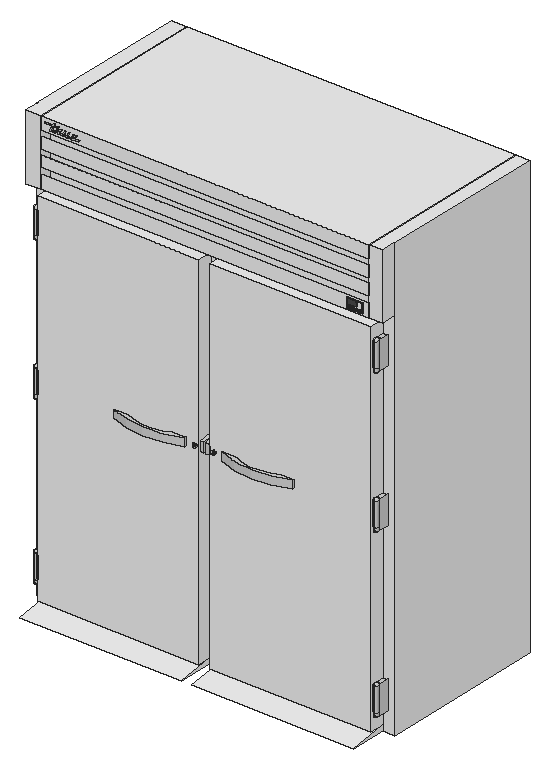
Revit family
Parameters
  Weight in Pounds = 0
  Watts = Volts * FL Amps  # 1357 W
  Volts = 115 V
  URL Cutsheet = "www.truemfg.com"
  URL = "www.truemfg.com"
  Type Mark [instance] = ""
  Type Comments = ""
  Status [instance] = ""
  Specification by User [instance] = ""
  Specification by Manufacturer = ""
  Show Logo [instance] = yes
  Show Clearance [instance] = yes
  Serial Number = ""
  Seismic Rating = ""
  SMACNA No = ""
  Revision Code [instance] = ""
  Phase = 1
  Omniclass Number and Title = ""
  Number of Poles [instance] = 1
  NAFEM Spec ID Number = ""
  Model = "STR2RRI-2S"
  Min Ckt Ampacity = 0 A
  Max Overcurrent Protection = 0 A
  Masterspec = ""
  Manufacturer = "TRUE FOOD SERVICE EQUIPMENT, INC."
  Length = 68"
  Item Number [instance] = ""
  Installed By [instance] = ""
  Identify Quantity as Lot [instance] = yes
  Height = 83 3/4"
  HP = "1/2"
  Furnished By [instance] = ""
  Foodservice Equipment Identifier [instance] = yes
  FL Amps = 11.8 A
  Electrical Remarks [instance] = ""
  Electric Connection Type [instance] = ""
  Elec Conn RI Height [instance] = 0"
  Elec Conn Connection Height [instance] = 0"
  Description = "Roll-in Solid Swing Door Refrigerator"
  Depth = 34 3/4"
  Cycle = 60 Hz
  Conn Plug = "5-15P"
  Conn Conduit = yes
  CSI MasterFormat = ""
  CSI Master Format = ""
  Apparent Power = if(Phase = 3, Volts * FL Amps * 1.73, Volts * FL Amps)  # 1357 VA
Reference planes (in)
  plane 1 "BACK": y = 0
  plane 2: z = 0
  plane 3 "LEFT": x = 0
  plane 4 "RIGHT": x = 68
  plane 5 "FRONT": y = -34.75
  plane 6 "TOP": z = 83.75
  plane 7: x = 2.84375
  plane 8: y = -34.7042
  plane 9: x = 34
  plane 10: z = 69.90625
Forms (in)
  Extrusion 1, solid, material "QF_Finishes_Chrome - Satin"
    sketch origin (0.05, 0, 0) x (1, 0, 0) y (0, 1, 0)
      loop
        line (-0.05, 0) -> (-0.05, -32) -> (2.87859, -32) -> (2.87859, 0) -> (-0.05, 0)
    from 0 to 83.75
  Extrusion 2, solid, material "QF_Finishes_Chrome - Satin"
    sketch origin (50.15, 0, 0) x (1, 0, 0) y (0, 1, 0)
      loop
        line (15.15, 0) -> (15.15, -32) -> (17.85, -32) -> (17.85, 0) -> (15.15, 0)
    from 0 to 83.75
  Extrusion 3, solid, material "QF_Finishes_Chrome - Satin"
    sketch origin (0, 0, 0) x (0, 1, 0) y (0, 0, 1)
      loop
        line (-34.7042, 71.28125) -> (-32, 71.28125) -> (-32, 0) -> (0, 0) -> (0, 83.75) -> (-34.7042, 83.75) -> (-34.7042, 81.40578) -> (-32.5, 79.83852) -> (-32.5, 78.71625) -> (-34.7042, 80.28351) -> (-34.7042, 78.1498) -> (-32.5, 76.58254) -> (-32.5, 75.62178) -> (-34.7042, 77.18904) -> (-34.7042, 75.09284) -> (-32.5, 73.52557) -> (-32.5, 72.25) -> (-34.7042, 73.81726) -> (-34.7042, 71.28125)
    from 2.92859 to 65.3
  Extrusion 4, solid, material "QF_Finishes_Chrome - Satin"
    sketch origin (0, 0, 0) x (1, 0, 0) y (0, 1, 0)
      loop
        line (67.84782, -32) -> (65.3, -32) -> (65.3, -34.75) -> (67.84782, -34.75) -> (67.84782, -32)
    from 71.28125 to 83.75
  Extrusion 5, solid, material "QF_Finishes_Chrome - Satin"
    sketch origin (-50.125, 0, 0.25) x (1, 0, 0) y (0, 1, 0)
      loop
        line (53.05359, -32) -> (50.24109, -32) -> (50.24109, -34.75) -> (53.05359, -34.75) -> (53.05359, -32)
    from 71.03125 to 83.5
  Extrusion 6, solid, material "QF_Finishes_Chrome - Satin"
    sketch origin (8.03125, -1, -0.71875) x (1, 0, 0) y (0, 0, 1)
      loop
        line (26.96875, 1.71875) -> (57.65625, 1.71875) -> (57.65625, 70.625) -> (26.96875, 70.625) -> (26.96875, 1.71875)
    from 31 to 33.75
  Extrusion 7, solid, material "QF_Finishes_Handrails and Railings"
    sketch origin (91.34375, -0.25, 26.43519) x (1, 0, 0) y (0, 1, 0)
      loop
        line (-53.875, -34.5) -> (-53.875, -34.7)
        arc (-53.875, -34.7) -> (-47.075, -36.14405) -> (-40.275, -34.7) r 16.7325
        line (-40.275, -34.7) -> (-40.275, -34.5) -> (-42.675, -34.5)
        arc (-42.675, -34.5) -> (-47.075, -35.65816) -> (-51.475, -34.5) r 8.93715
        line (-51.475, -34.5) -> (-53.875, -34.5)
    from 10.87731 to 12.37731
  Extrusion 8, solid, material "QF_Finishes_Handrails and Railings"
    sketch origin (9.34375, -1.08467, -2) x (1, 0, 0) y (0, 0, 1)
      loop
        circle (26.4375, 40.0625) r 0.35
      loop
        line (26.47265, 40.33635) -> (26.41715, 40.33635) -> (26.41715, 39.76895) -> (26.47265, 39.76895) -> (26.47265, 40.33635)
    from 33.5 to 33.83066
  Extrusion 9, solid, material "QF_Finishes_Handrails and Railings", visible <- "Show Logo"
    sketch origin (0.33478, 0.06376, 5.00294) x (1, 0, 0) y (0, 0, 1)
      loop
        line (3.46044, 78.08731) -> (3.35478, 77.86073) -> (4.76027, 77.86073)
        arc (4.76027, 77.86073) -> (4.78879, 77.81028) -> (4.76027, 77.75984) r 0.05887
        line (4.76027, 77.75984) -> (4.39369, 76.97372)
        arc (4.39369, 76.97372) -> (4.39051, 76.90091) -> (4.43975, 76.84717) r 0.09523
        line (4.43975, 76.84717) -> (5.33844, 76.84717)
        arc (5.33844, 76.84717) -> (5.45192, 76.88295) -> (5.52436, 76.97735) r 0.19785
        line (5.52436, 76.97735) -> (5.81285, 77.59601) -> (6.0779, 77.59601)
        arc (6.0779, 77.59601) -> (6.14744, 77.57043) -> (6.13737, 77.49703) r 0.05911
        line (6.13737, 77.49703) -> (5.89598, 76.97937)
        arc (5.89598, 76.97937) -> (5.89974, 76.8934) -> (5.97231, 76.84717) r 0.09318
        line (5.97231, 76.84717) -> (6.76198, 76.84717)
        arc (6.76198, 76.84717) -> (6.82249, 76.86919) -> (6.85468, 76.92495) r 0.09412
        arc (6.85468, 76.92495) -> (6.87746, 76.86995) -> (6.93246, 76.84717) r 0.07778
        line (6.93246, 76.84717) -> (7.43246, 76.84717)
        arc (7.43246, 76.84717) -> (7.49022, 76.86265) -> (7.53251, 76.90493) r 0.11552
        arc (7.53251, 76.90493) -> (7.55275, 76.85606) -> (7.60162, 76.83581) r 0.06912
        line (7.60162, 76.83581) -> (8.31225, 76.83581)
        arc (8.31225, 76.83581) -> (8.37034, 76.85988) -> (8.39441, 76.91797) r 0.08216
        arc (8.39441, 76.91797) -> (8.44767, 76.86472) -> (8.52042, 76.84522) r 0.14551
        line (8.52042, 76.84522) -> (9.85158, 76.84522) -> (9.99946, 77.10134) -> (8.65678, 77.10134)
        arc (8.65678, 77.10134) -> (8.61972, 77.12704) -> (8.61834, 77.17211) r 0.05009
        line (8.61834, 77.17211) -> (8.64157, 77.22192)
        arc (8.64157, 77.22192) -> (8.67723, 77.26864) -> (8.73327, 77.28635) r 0.09747
        line (8.73327, 77.28635) -> (9.16485, 77.28635)
        arc (9.16485, 77.28635) -> (9.258, 77.31131) -> (9.32619, 77.3795) r 0.1863
        line (9.32619, 77.3795) -> (9.45119, 77.59601)
        arc (9.45119, 77.59601) -> (9.45119, 77.71157) -> (9.35111, 77.76934) r 0.11556
        line (9.35111, 77.76934) -> (8.89562, 77.76934)
        arc (8.89562, 77.76934) -> (8.7795, 77.74962) -> (8.69849, 77.66412) r 0.18605
        line (8.69849, 77.66412) -> (8.48204, 77.19993)
        arc (8.48204, 77.19993) -> (8.41815, 77.11667) -> (8.31806, 77.08511) r 0.1745
        line (8.31806, 77.08511) -> (7.84559, 77.08511)
        arc (7.84559, 77.08511) -> (7.78903, 77.14684) -> (7.79268, 77.23048) r 0.10939
        line (7.79268, 77.23048) -> (8.04395, 77.76934) -> (7.88403, 77.76934) -> (7.61781, 77.19844)
        arc (7.61781, 77.19844) -> (7.56609, 77.13103) -> (7.48505, 77.10548) r 0.14128
        line (7.48505, 77.10548) -> (7.15925, 77.10548)
        arc (7.15925, 77.10548) -> (7.10419, 77.17723) -> (7.116, 77.26689) r 0.11816
        line (7.116, 77.26689) -> (7.3503, 77.76934) -> (7.18514, 77.76934) -> (6.91546, 77.191)
        arc (6.91546, 77.191) -> (6.85285, 77.12839) -> (6.76733, 77.10548) r 0.17104
        line (6.76733, 77.10548) -> (6.29555, 77.10548)
        arc (6.29555, 77.10548) -> (6.21082, 77.14499) -> (6.20267, 77.23813) r 0.0935
        line (6.20267, 77.23813) -> (6.35774, 77.57069) -> (6.57695, 77.57069)
        arc (6.57695, 77.57069) -> (6.61395, 77.68217) -> (6.69267, 77.76934) r 0.2857
        line (6.69267, 77.76934) -> (5.83605, 77.76934)
        arc (5.83605, 77.76934) -> (5.74086, 77.74824) -> (5.67498, 77.67635) r 0.16212
        line (5.67498, 77.67635) -> (5.44279, 77.17841)
        arc (5.44279, 77.17841) -> (5.3894, 77.12502) -> (5.31647, 77.10548) r 0.14586
        line (5.31647, 77.10548) -> (4.80506, 77.10548)
        arc (4.80506, 77.10548) -> (4.76514, 77.15942) -> (4.77274, 77.22609) r 0.09155
        line (4.77274, 77.22609) -> (5.11018, 77.86073) -> (5.96155, 77.86073) -> (6.06721, 78.08731) -> (5.21584, 78.08731) -> (5.32149, 78.31388) -> (5.01862, 78.31388) -> (4.91297, 78.08731) -> (3.46044, 78.08731)
      loop
        arc (8.83805, 77.56363) -> (8.80119, 77.55375) -> (8.7742, 77.52676) r 0.07373
        line (8.7742, 77.52676) -> (8.75229, 77.45936)
        arc (8.75229, 77.45936) -> (8.76245, 77.43483) -> (8.78699, 77.42466) r 0.0347
        line (8.78699, 77.42466) -> (9.15948, 77.42466)
        arc (9.15948, 77.42466) -> (9.18632, 77.43061) -> (9.20812, 77.44734) r 0.0635
        line (9.20812, 77.44734) -> (9.22624, 77.53122)
        arc (9.22624, 77.53122) -> (9.22091, 77.55368) -> (9.20009, 77.56363) r 0.02676
        line (9.20009, 77.56363) -> (8.83805, 77.56363)
    from 34.76797 to 34.83173
  Extrusion 10, solid, material "QF_Finishes_White"
    sketch origin (-22.74812, 0.0458, -7.95638) x (1, 0, 0) y (0, 0, 1)
      loop
        line (83.81732, 81.35727) -> (83.81732, 79.60996) -> (86.72357, 79.60996) -> (86.72357, 81.35727) -> (83.81732, 81.35727)
    from 34.75 to 34.76797
  Extrusion 11, solid, material "QF_Finishes_Black"
    sketch origin (-22.74812, 0.0458, -7.95638) x (1, 0, 0) y (0, 0, 1)
      loop
        line (86.78607, 81.41977) -> (83.75482, 81.41977) -> (83.75482, 79.54746) -> (86.78607, 79.54746) -> (86.78607, 81.41977)
      loop
        spline (83.95482, 79.87872) -> (83.96333, 79.86254) -> (83.98831, 79.84747) -> (84.02804, 79.83452) -> (84.07982, 79.82459) -> (84.14011, 79.81835) -> (84.20482, 79.81622) -> (84.26952, 79.81835) -> (84.32982, 79.82459) -> (84.38159, 79.83452) -> (84.42132, 79.84747) -> (84.4463, 79.86254) -> (84.45482, 79.87872)
        spline (84.45482, 79.87872) -> (84.4463, 79.89489) -> (84.42132, 79.90997) -> (84.38159, 79.92291) -> (84.32982, 79.93284) -> (84.26952, 79.93909) -> (84.20482, 79.94122) -> (84.14011, 79.93909) -> (84.07982, 79.93284) -> (84.02804, 79.92291) -> (83.98831, 79.90997) -> (83.96333, 79.89489) -> (83.95482, 79.87872)
      loop
        spline (84.65083, 79.87872) -> (84.65935, 79.86254) -> (84.68432, 79.84747) -> (84.72405, 79.83452) -> (84.77583, 79.82459) -> (84.83612, 79.81835) -> (84.90083, 79.81622) -> (84.96553, 79.81835) -> (85.02583, 79.82459) -> (85.07761, 79.83452) -> (85.11734, 79.84747) -> (85.14231, 79.86254) -> (85.15083, 79.87872)
        spline (85.15083, 79.87872) -> (85.14231, 79.89489) -> (85.11734, 79.90997) -> (85.07761, 79.92291) -> (85.02583, 79.93284) -> (84.96553, 79.93909) -> (84.90083, 79.94122) -> (84.83612, 79.93909) -> (84.77583, 79.93284) -> (84.72405, 79.92291) -> (84.68432, 79.90997) -> (84.65935, 79.89489) -> (84.65083, 79.87872)
      loop
        spline (85.40083, 79.87872) -> (85.40935, 79.86254) -> (85.43432, 79.84747) -> (85.47405, 79.83452) -> (85.52583, 79.82459) -> (85.58612, 79.81835) -> (85.65083, 79.81622) -> (85.71553, 79.81835) -> (85.77583, 79.82459) -> (85.82761, 79.83452) -> (85.86734, 79.84747) -> (85.89231, 79.86254) -> (85.90083, 79.87872)
        spline (85.90083, 79.87872) -> (85.89231, 79.89489) -> (85.86734, 79.90997) -> (85.82761, 79.92291) -> (85.77583, 79.93284) -> (85.71553, 79.93909) -> (85.65083, 79.94122) -> (85.58612, 79.93909) -> (85.52583, 79.93284) -> (85.47405, 79.92291) -> (85.43432, 79.90997) -> (85.40935, 79.89489) -> (85.40083, 79.87872)
      loop
        line (83.95481, 81.21978) -> (83.95481, 80.21978) -> (85.65433, 80.21978) -> (85.65433, 81.21978) -> (83.95481, 81.21978)
      loop
        line (86.72357, 81.35727) -> (83.81732, 81.35727) -> (83.81732, 79.60996) -> (86.72357, 79.60996) -> (86.72357, 81.35727)
      loop
        spline (86.15083, 79.87872) -> (86.15935, 79.86254) -> (86.18432, 79.84747) -> (86.22405, 79.83452) -> (86.27583, 79.82459) -> (86.33612, 79.81835) -> (86.40083, 79.81622) -> (86.46553, 79.81835) -> (86.52583, 79.82459) -> (86.57761, 79.83452) -> (86.61734, 79.84747) -> (86.64231, 79.86254) -> (86.65083, 79.87872)
        spline (86.65083, 79.87872) -> (86.64231, 79.89489) -> (86.61734, 79.90997) -> (86.57761, 79.92291) -> (86.52583, 79.93284) -> (86.46553, 79.93909) -> (86.40083, 79.94122) -> (86.33612, 79.93909) -> (86.27583, 79.93284) -> (86.22405, 79.92291) -> (86.18432, 79.90997) -> (86.15935, 79.89489) -> (86.15083, 79.87872)
    from 34.76797 to 34.80335
  Extrusion 12, solid
    sketch origin (-25.125, 0, 0) x (1, 0, 0) y (0, 0, 1)
      loop
        circle (89.875, 81.625) r 0.25
    from 0 to 0.0625
  Blend 13, solid, material "QF_Finishes_Handrails and Railings"
    base sketch origin (60.25, -1, 0) x (-1, 0, 0) y (0, 0, -1)
      loop
        line (25.25, -38.99169) -> (26, -38.99169) -> (26, -37.24169) -> (25.25, -37.24169) -> (25.25, -38.99169)
    top sketch origin (60.25, 0, 0) x (-1, 0, 0) y (0, 0, -1)
      loop
        line (26.18223, -36.6441) -> (25.25, -36.6441) -> (25.25, -39.42643) -> (26.18223, -39.42643) -> (26.18223, -36.6441)
    from 33.57883 to 32
  Extrusion 14, solid, material "QF_Finishes_Handrails and Railings"
    sketch origin (66.78125, 0, 3.5) x (0, 1, 0) y (0, 0, -1)
      loop
        line (-32, -64.17729) -> (-32, -58.86127) -> (-34.25, -58.86127) -> (-34.25, -59.57348) -> (-33.81497, -59.57348) -> (-33.81497, -63.97276)
        arc (-33.81497, -63.97276) -> (-33.75506, -64.11738) -> (-33.61044, -64.17729) r 0.20453
        line (-33.61044, -64.17729) -> (-32, -64.17729)
    from 0.17506 to 1
  Revolve 15, solid, material "QF_Finishes_Handrails and Railings"
    sketch origin (66.28125, 0, 3.5) x (0, 1, 0) y (0, 0, -1)
      loop
        line (-34.26563, -59.62689) -> (-34.67229, -59.62689) -> (-34.67229, -64.0986)
        arc (-34.67229, -64.0986) -> (-34.53722, -64.35057) -> (-34.26563, -64.43983) r 0.3848
        line (-34.26563, -64.43983) -> (-34.26563, -59.62689)
      loop
        line (-34.26563, -59.57348) -> (-34.26563, -58.67281)
        arc (-34.26563, -58.67281) -> (-34.53264, -58.75883) -> (-34.67229, -59.00212) r 0.38884
        line (-34.67229, -59.00212) -> (-34.67229, -59.57348) -> (-34.26563, -59.57348)
      axis (-34.26563, -58.67281) -> (-34.26563, -64.43983)
    angle from 0 to 360
  Extrusion 16, solid, material "QF_Finishes_Handrails and Railings"
    sketch origin (27.5, -1.07734, 3.5011) x (-1, 0, 0) y (0, 0, -1)
      loop
        line (-38.58509, -64.0986) -> (-38.1875, -64.0986) -> (-38.1875, -59.62579) -> (-38.58509, -59.62579) -> (-38.58509, -64.0986)
    from 32.81497 to 33.59495
  Extrusion 17, solid, material "QF_Finishes_Handrails and Railings"
    sketch origin (66.78125, 0, -24) x (0, 1, 0) y (0, 0, -1)
      loop
        line (-32, -64.55229) -> (-32, -59.23627) -> (-34.25, -59.23627) -> (-34.25, -59.94848) -> (-33.81497, -59.94848) -> (-33.81497, -64.34776)
        arc (-33.81497, -64.34776) -> (-33.75506, -64.49238) -> (-33.61044, -64.55229) r 0.20453
        line (-33.61044, -64.55229) -> (-32, -64.55229)
    from 0.17506 to 1
  Revolve 18, solid, material "QF_Finishes_Handrails and Railings"
    sketch origin (66.28125, 0, -24) x (0, 1, 0) y (0, 0, -1)
      loop
        line (-34.26563, -60.00189) -> (-34.67229, -60.00189) -> (-34.67229, -64.4736)
        arc (-34.67229, -64.4736) -> (-34.53722, -64.72557) -> (-34.26563, -64.81483) r 0.3848
        line (-34.26563, -64.81483) -> (-34.26563, -60.00189)
      loop
        line (-34.26563, -59.94848) -> (-34.26563, -59.04781)
        arc (-34.26563, -59.04781) -> (-34.53264, -59.13383) -> (-34.67229, -59.37712) r 0.38884
        line (-34.67229, -59.37712) -> (-34.67229, -59.94848) -> (-34.26563, -59.94848)
      axis (-34.26563, -59.04781) -> (-34.26563, -64.81483)
    angle from 0 to 360
  Extrusion 19, solid, material "QF_Finishes_Handrails and Railings"
    sketch origin (27.5, -1.07734, -23.9989) x (-1, 0, 0) y (0, 0, -1)
      loop
        line (-38.58509, -64.4736) -> (-38.1875, -64.4736) -> (-38.1875, -60.00079) -> (-38.58509, -60.00079) -> (-38.58509, -64.4736)
    from 32.81497 to 33.59495
  Extrusion 20, solid, material "QF_Finishes_Handrails and Railings"
    sketch origin (66.78125, 0, -55.5) x (0, 1, 0) y (0, 0, -1)
      loop
        line (-32, -64.55229) -> (-32, -59.23627) -> (-34.25, -59.23627) -> (-34.25, -59.94848) -> (-33.81497, -59.94848) -> (-33.81497, -64.34776)
        arc (-33.81497, -64.34776) -> (-33.75506, -64.49238) -> (-33.61044, -64.55229) r 0.20453
        line (-33.61044, -64.55229) -> (-32, -64.55229)
    from 0.17506 to 1
  Revolve 21, solid, material "QF_Finishes_Handrails and Railings"
    sketch origin (66.28125, 0, -55.5) x (0, 1, 0) y (0, 0, -1)
      loop
        line (-34.26563, -60.00189) -> (-34.67229, -60.00189) -> (-34.67229, -64.4736)
        arc (-34.67229, -64.4736) -> (-34.53722, -64.72557) -> (-34.26563, -64.81483) r 0.3848
        line (-34.26563, -64.81483) -> (-34.26563, -60.00189)
      loop
        line (-34.26563, -59.94848) -> (-34.26563, -59.04781)
        arc (-34.26563, -59.04781) -> (-34.53264, -59.13383) -> (-34.67229, -59.37712) r 0.38884
        line (-34.67229, -59.37712) -> (-34.67229, -59.94848) -> (-34.26563, -59.94848)
      axis (-34.26563, -59.04781) -> (-34.26563, -64.81483)
    angle from 0 to 360
  Extrusion 22, solid, material "QF_Finishes_Handrails and Railings"
    sketch origin (27.5, -1.07734, -55.4989) x (-1, 0, 0) y (0, 0, -1)
      loop
        line (-38.58509, -64.4736) -> (-38.1875, -64.4736) -> (-38.1875, -60.00079) -> (-38.58509, -60.00079) -> (-38.58509, -64.4736)
    from 32.81497 to 33.59495
  Extrusion 23, solid, material "QF_Finishes_Chrome - Satin"
    sketch origin (65.6875, -1, 8.03125) x (0, 0, 1) y (0, -1, 0)
      loop
        line (-8.03125, 37.875) -> (-8.03125, 31) -> (-7.03125, 31) -> (-8.03125, 37.875)
    from 0 to -30.6875
  Extrusion 24, solid, material "QF_Finishes_Chrome - Satin"
    sketch origin (59.96875, -1, -0.71875) x (-1, 0, 0) y (0, 0, -1)
      loop
        line (26.96875, -1.71875) -> (26.96875, -70.625) -> (57.65625, -70.625) -> (57.65625, -1.71875) -> (26.96875, -1.71875)
    from 31 to 33.75
  Extrusion 25, solid, material "QF_Finishes_Handrails and Railings"
    sketch origin (-23.34375, -0.25, 26.43519) x (1, 0, 0) y (0, 1, 0)
      loop
        line (53.875, -34.5) -> (51.475, -34.5)
        arc (51.475, -34.5) -> (47.075, -35.65816) -> (42.675, -34.5) r 8.93715
        line (42.675, -34.5) -> (40.275, -34.5) -> (40.275, -34.7)
        arc (40.275, -34.7) -> (47.075, -36.14405) -> (53.875, -34.7) r 16.7325
        line (53.875, -34.7) -> (53.875, -34.5)
    from 10.87731 to 12.37731
  Extrusion 26, solid, material "QF_Finishes_Handrails and Railings"
    sketch origin (58.65625, -1.08467, -2) x (-1, 0, 0) y (0, 0, -1)
      loop
        circle (26.4375, -40.0625) r 0.35
      loop
        line (26.47265, -40.33635) -> (26.47265, -39.76895) -> (26.41715, -39.76895) -> (26.41715, -40.33635) -> (26.47265, -40.33635)
    from 33.5 to 33.83066
  Blend 27, solid, material "QF_Finishes_Handrails and Railings"
    base sketch origin (7.75, -1, 0) x (1, 0, 0) y (0, 0, 1)
      loop
        line (25.25, 38.99169) -> (25.25, 37.24169) -> (26, 37.24169) -> (26, 38.99169) -> (25.25, 38.99169)
    top sketch origin (7.75, 0, 0) x (1, 0, 0) y (0, 0, 1)
      loop
        line (26.18223, 36.6441) -> (26.18223, 39.42643) -> (25.25, 39.42643) -> (25.25, 36.6441) -> (26.18223, 36.6441)
    from 33.57883 to 32
  Extrusion 28, solid, material "QF_Finishes_Handrails and Railings"
    sketch origin (1.21875, 0, 3.5) x (0, 1, 0) y (0, 0, 1)
      loop
        line (-32, 64.17729) -> (-33.61044, 64.17729)
        arc (-33.61044, 64.17729) -> (-33.75506, 64.11738) -> (-33.81497, 63.97276) r 0.20453
        line (-33.81497, 63.97276) -> (-33.81497, 59.57348) -> (-34.25, 59.57348) -> (-34.25, 58.86127) -> (-32, 58.86127) -> (-32, 64.17729)
    from 0.17506 to 1
  Revolve 29, solid, material "QF_Finishes_Handrails and Railings"
    sketch origin (1.71875, 0, 3.5) x (0, 1, 0) y (0, 0, 1)
      loop
        line (-34.26563, 59.62689) -> (-34.26563, 64.43983)
        arc (-34.26563, 64.43983) -> (-34.53722, 64.35057) -> (-34.67229, 64.0986) r 0.3848
        line (-34.67229, 64.0986) -> (-34.67229, 59.62689) -> (-34.26563, 59.62689)
      loop
        line (-34.26563, 59.57348) -> (-34.67229, 59.57348) -> (-34.67229, 59.00212)
        arc (-34.67229, 59.00212) -> (-34.53264, 58.75883) -> (-34.26563, 58.67281) r 0.38884
        line (-34.26563, 58.67281) -> (-34.26563, 59.57348)
      axis (-34.26563, 58.67281) -> (-34.26563, 64.43983)
    angle from 0 to 360
  Extrusion 30, solid, material "QF_Finishes_Handrails and Railings"
    sketch origin (40.5, -1.07734, 3.5011) x (1, 0, 0) y (0, 0, 1)
      loop
        line (-38.58509, 64.0986) -> (-38.58509, 59.62579) -> (-38.1875, 59.62579) -> (-38.1875, 64.0986) -> (-38.58509, 64.0986)
    from 32.81497 to 33.59495
  Extrusion 31, solid, material "QF_Finishes_Handrails and Railings"
    sketch origin (1.21875, 0, -24) x (0, 1, 0) y (0, 0, 1)
      loop
        line (-32, 64.55229) -> (-33.61044, 64.55229)
        arc (-33.61044, 64.55229) -> (-33.75506, 64.49238) -> (-33.81497, 64.34776) r 0.20453
        line (-33.81497, 64.34776) -> (-33.81497, 59.94848) -> (-34.25, 59.94848) -> (-34.25, 59.23627) -> (-32, 59.23627) -> (-32, 64.55229)
    from 0.17506 to 1
  Revolve 32, solid, material "QF_Finishes_Handrails and Railings"
    sketch origin (1.71875, 0, -24) x (0, 1, 0) y (0, 0, 1)
      loop
        line (-34.26563, 60.00189) -> (-34.26563, 64.81483)
        arc (-34.26563, 64.81483) -> (-34.53722, 64.72557) -> (-34.67229, 64.4736) r 0.3848
        line (-34.67229, 64.4736) -> (-34.67229, 60.00189) -> (-34.26563, 60.00189)
      loop
        line (-34.26563, 59.94848) -> (-34.67229, 59.94848) -> (-34.67229, 59.37712)
        arc (-34.67229, 59.37712) -> (-34.53264, 59.13383) -> (-34.26563, 59.04781) r 0.38884
        line (-34.26563, 59.04781) -> (-34.26563, 59.94848)
      axis (-34.26563, 59.04781) -> (-34.26563, 64.81483)
    angle from 0 to 360
  Extrusion 33, solid, material "QF_Finishes_Handrails and Railings"
    sketch origin (40.5, -1.07734, -23.9989) x (1, 0, 0) y (0, 0, 1)
      loop
        line (-38.58509, 64.4736) -> (-38.58509, 60.00079) -> (-38.1875, 60.00079) -> (-38.1875, 64.4736) -> (-38.58509, 64.4736)
    from 32.81497 to 33.59495
  Extrusion 34, solid, material "QF_Finishes_Handrails and Railings"
    sketch origin (1.21875, 0, -55.5) x (0, 1, 0) y (0, 0, 1)
      loop
        line (-32, 64.55229) -> (-33.61044, 64.55229)
        arc (-33.61044, 64.55229) -> (-33.75506, 64.49238) -> (-33.81497, 64.34776) r 0.20453
        line (-33.81497, 64.34776) -> (-33.81497, 59.94848) -> (-34.25, 59.94848) -> (-34.25, 59.23627) -> (-32, 59.23627) -> (-32, 64.55229)
    from 0.17506 to 1
  Revolve 35, solid, material "QF_Finishes_Handrails and Railings"
    sketch origin (1.71875, 0, -55.5) x (0, 1, 0) y (0, 0, 1)
      loop
        line (-34.26563, 60.00189) -> (-34.26563, 64.81483)
        arc (-34.26563, 64.81483) -> (-34.53722, 64.72557) -> (-34.67229, 64.4736) r 0.3848
        line (-34.67229, 64.4736) -> (-34.67229, 60.00189) -> (-34.26563, 60.00189)
      loop
        line (-34.26563, 59.94848) -> (-34.67229, 59.94848) -> (-34.67229, 59.37712)
        arc (-34.67229, 59.37712) -> (-34.53264, 59.13383) -> (-34.26563, 59.04781) r 0.38884
        line (-34.26563, 59.04781) -> (-34.26563, 59.94848)
      axis (-34.26563, 59.04781) -> (-34.26563, 64.81483)
    angle from 0 to 360
  Extrusion 36, solid, material "QF_Finishes_Handrails and Railings"
    sketch origin (40.5, -1.07734, -55.4989) x (1, 0, 0) y (0, 0, 1)
      loop
        line (-38.58509, 64.4736) -> (-38.58509, 60.00079) -> (-38.1875, 60.00079) -> (-38.1875, 64.4736) -> (-38.58509, 64.4736)
    from 32.81497 to 33.59495
  Extrusion 37, solid, material "QF_Finishes_Chrome - Satin"
    sketch origin (2.3125, -1, 8.03125) x (0, 0, 1) y (0, 1, 0)
      loop
        line (-8.03125, -37.875) -> (-7.03125, -31) -> (-8.03125, -31) -> (-8.03125, -37.875)
    from 0 to -30.6875
  Extrusion 38, solid, material "QF_Finishes_Door Clearance", visible <- "Show Clearance", detail levels coarse
    sketch origin (32.71875, -1, 1) x (0, 1, 0) y (1, 0, 0)
      loop
        line (-33.75, -30.40625) -> (-33.75, 0.28125)
        arc (-33.75, 0.28125) -> (-55.44934, -8.70691) -> (-64.4375, -30.40625) r 30.6875
        line (-64.4375, -30.40625) -> (-33.75, -30.40625)
      loop
        line (-33.75, 32.96875) -> (-64.4375, 32.96875)
        arc (-64.4375, 32.96875) -> (-55.44934, 11.26941) -> (-33.75, 2.28125) r 30.6875
        line (-33.75, 2.28125) -> (-33.75, 32.96875)
    from 0 to -68.90625
Cuts and joins
  joined: Extrusion 1, Extrusion 2, Extrusion 4, Extrusion 5
Lines and regions (in)
  symbolic lines
    curve 1: line (0, 0, 0) -> (68, 0, 0)
    curve 2: line (0, -34.75, 0) -> (0, 0, 0)
    curve 3: line (68, -34.75, 0) -> (0, -34.75, 0)
    curve 4: line (68, 0, 0) -> (68, -34.75, 0)
    curve 5: line (68, -32.5, 0) -> (0, -32.5, 0)
    curve 6: arc (28.13125, -34.75, 0) -> (23.73125, -35.90816, 0) -> (19.33125, -34.75, 0) r 8.93715
    curve 7: arc (16.93125, -34.95, 0) -> (23.73125, -36.39405, 0) -> (30.53125, -34.95, 0) r 16.7325
    curve 8: line (16.93125, -34.75, 0) -> (16.93125, -34.95, 0)
    curve 9: line (30.53125, -34.95, 0) -> (30.53125, -34.75, 0)
    curve 10: arc (48.66875, -34.75, 0) -> (44.26875, -35.90816, 0) -> (39.86875, -34.75, 0) r 8.93715
    curve 11: arc (37.46875, -34.95, 0) -> (44.26875, -36.39405, 0) -> (51.06875, -34.95, 0) r 16.7325
    curve 12: line (37.46875, -34.75, 0) -> (37.46875, -34.95, 0)
    curve 13: line (51.06875, -34.95, 0) -> (51.06875, -34.75, 0)
  symbolic lines, style "QF_Door Swings", visible <- "Show Clearance", detail levels coarse
    curve 14: line (2.3125, -34.75, 0) -> (2.3125, -65.4375, 0)
    curve 15: arc (33, -34.75, 0) -> (24.01184, -56.44934, 0) -> (2.3125, -65.4375, 0) r 30.6875
    curve 16: arc (65.6875, -65.4375, 0) -> (43.98816, -56.44934, 0) -> (35, -34.75, 0) r 30.6875
    curve 17: line (65.6875, -65.4375, 0) -> (65.6875, -34.75, 0)
Dimensions and locks (in)
  "Depth": plane 5 "FRONT" to plane 1 "BACK"
  plane 6 "TOP" to level = 83 3/4"  (x2)
  Extrusion 6 sketch curve to Extrusion 6 sketch curve = 30 11/16"
  Extrusion 6 to plane 1 "BACK" = 34 3/4"
  "Length": plane 3 "LEFT" to plane 4 "RIGHT"
  plane 4 "RIGHT" to plane 3 "LEFT" = 68"
  equal spacing: plane 3 "LEFT", plane 9, plane 4 "RIGHT"
  Extrusion 24 sketch curve to Extrusion 24 sketch curve = 30 11/16"
  plane 10 to level = 69 29/32"
  aligned and locked: level to plane 2
Automatic sketch dimensions
  plane 1 "BACK" to curve 1 = 0"
  curve 1 to plane 3 "LEFT" = 0"
  plane 5 "FRONT" to curve 8 = 0"
  curve 4 to plane 4 "RIGHT" = 0"
  plane 5 "FRONT" to curve 7 = 0.2"
  plane 7 to curve 7 = 14.0875"
  curve 8 to curve 6 = 2.4"
  curve 6 to curve 6 = 4.4"
  curve 7 to curve 6 = 0"
  plane 5 "FRONT" to curve 9 = 0.2"
  plane 5 "FRONT" to curve 12 = 0.2"
  curve 12 to plane 9 = 3 15/32"
  curve 12 to curve 10 = 2.4"
  curve 10 to curve 10 = 4.4"
  curve 11 to curve 10 = 0"
  plane 5 "FRONT" to curve 11 = 0.2"
  curve 5 to plane 5 "FRONT" = 2 1/4"
  curve 10 to plane 5 "FRONT" = 7.77899"
  curve 6 to plane 5 "FRONT" = 7.77899"
  curve 10 to curve 11 = 7.30945"
  curve 6 to curve 7 = 7.30945"
  Extrusion 1 sketch curve to plane 3 "LEFT" = 0"
  plane 1 "BACK" to Extrusion 1 sketch curve = 0"
  plane 7 to Extrusion 1 sketch curve = 0.08484"
  Extrusion 1 sketch curve to plane 5 "FRONT" = 2 3/4"
  plane 1 "BACK" to Extrusion 2 sketch curve = 0"
  Extrusion 2 sketch curve to plane 4 "RIGHT" = 0"
  Extrusion 2 sketch curve to plane 4 "RIGHT" = 2.7"
  Extrusion 2 sketch curve to plane 5 "FRONT" = 2 3/4"
  Extrusion 3 sketch curve to plane 8 = 0"  (x4)
  Extrusion 3 sketch curve to level = 0"
  Extrusion 3 sketch curve to plane 6 "TOP" = 0"
  plane 8 to Extrusion 3 sketch curve = 2.2042"  (x2)
  Extrusion 3 sketch curve to Extrusion 3 sketch curve = 0"
  Extrusion 3 sketch curve to Extrusion 3 sketch curve = 1/2"
  plane 1 "BACK" to Extrusion 3 sketch curve = 0"
  Extrusion 3 sketch curve to plane 6 "TOP" = 12 15/32"
  Extrusion 3 sketch curve to Extrusion 3 sketch curve = 31/32"
  Extrusion 3 sketch curve to Extrusion 3 sketch curve = 1.27557"  (x2)
  Extrusion 3 sketch curve to Extrusion 3 sketch curve = 0.29169"
  Extrusion 3 sketch curve to Extrusion 3 sketch curve = 2.0962"  (x2)
  Extrusion 3 sketch curve to Extrusion 3 sketch curve = 0.96076"  (x2)
  Extrusion 3 sketch curve to Extrusion 3 sketch curve = 2.13371"  (x2)
  Extrusion 3 sketch curve to Extrusion 3 sketch curve = 1.12227"  (x2)
  plane 5 "FRONT" to Extrusion 4 sketch curve = 0"
  Extrusion 4 sketch curve to plane 4 "RIGHT" = 2.7"
  Extrusion 4 sketch curve to plane 4 "RIGHT" = 0.15218"
  Extrusion 4 sketch curve to plane 5 "FRONT" = 2 3/4"
  plane 5 "FRONT" to Extrusion 5 sketch curve = 0"
  plane 3 "LEFT" to Extrusion 5 sketch curve = 0.11609"
  plane 7 to Extrusion 5 sketch curve = 0.08484"
  Extrusion 5 sketch curve to plane 5 "FRONT" = 2 3/4"
  Extrusion 6 sketch curve to plane 9 = 1"
  level to Extrusion 6 sketch curve = 1"
  Extrusion 6 sketch curve to plane 6 "TOP" = 13 27/32"
  plane 5 "FRONT" to Extrusion 7 sketch curve = 0"  (x2)
  Extrusion 7 sketch curve to plane 9 = 3 15/32"
  Extrusion 7 sketch curve to Extrusion 7 sketch curve = 2.4"  (x2)
  Extrusion 7 sketch curve to Extrusion 7 sketch curve = 4.4"
  Extrusion 7 sketch curve to Extrusion 7 sketch curve = 0"
  Extrusion 7 sketch curve to Extrusion 7 sketch curve = 0.2"
  Extrusion 7 sketch curve to plane 5 "FRONT" = 7.77899"
  Extrusion 7 sketch curve to Extrusion 7 sketch curve = 7.30945"
  Extrusion 8 sketch curve to plane 9 = 1.7609"
  Extrusion 8 sketch curve to Extrusion 8 sketch curve = 0.02035"
  Extrusion 8 sketch curve to Extrusion 8 sketch curve = 0.0555"
  level to Extrusion 8 sketch curve = 37.76895"
  Extrusion 8 sketch curve to Extrusion 8 sketch curve = 0.29355"
  Extrusion 8 sketch curve to Extrusion 8 sketch curve = 0.27385"
  plane 7 to Extrusion 9 sketch curve = 0.84582"
  Extrusion 9 sketch curve to Extrusion 9 sketch curve = 0.10565"  (x5)
  Extrusion 9 sketch curve to Extrusion 9 sketch curve = 1.03891"
  Extrusion 9 sketch curve to Extrusion 9 sketch curve = 0.04606"
  Extrusion 9 sketch curve to Extrusion 9 sketch curve = 0.08631"
  Extrusion 9 sketch curve to Extrusion 9 sketch curve = 0.33624"
  Extrusion 9 sketch curve to Extrusion 9 sketch curve = 0.03034"  (x2)
  Extrusion 9 sketch curve to Extrusion 9 sketch curve = 0.29274"
  Extrusion 9 sketch curve to Extrusion 9 sketch curve = 0.03232"
  Extrusion 9 sketch curve to Extrusion 9 sketch curve = 0.04851"
  Extrusion 9 sketch curve to plane 6 "TOP" = 0.65975"
  Extrusion 9 sketch curve to Extrusion 9 sketch curve = 0.1527"
  Extrusion 9 sketch curve to plane 6 "TOP" = 0.43317"
  Extrusion 9 sketch curve to Extrusion 9 sketch curve = 0.19721"
  Extrusion 9 sketch curve to Extrusion 9 sketch curve = 0.4629"
  Extrusion 9 sketch curve to Extrusion 9 sketch curve = 0.02197"
  Extrusion 9 sketch curve to Extrusion 9 sketch curve = 0.12632"
  Extrusion 9 sketch curve to Extrusion 9 sketch curve = 0.18591"
  Extrusion 9 sketch curve to plane 6 "TOP" = 1.0707"
  Extrusion 9 sketch curve to Extrusion 9 sketch curve = 0.2322"
  Extrusion 9 sketch curve to Extrusion 9 sketch curve = 0.13786"
  Extrusion 9 sketch curve to Extrusion 9 sketch curve = 0.00907"
  Extrusion 9 sketch curve to Extrusion 9 sketch curve = 0.01413"
  Extrusion 9 sketch curve to Extrusion 9 sketch curve = 0.37162"
  Extrusion 9 sketch curve to plane 6 "TOP" = 0.88633"
  Extrusion 9 sketch curve to Extrusion 9 sketch curve = 0.12551"
  Extrusion 9 sketch curve to Extrusion 9 sketch curve = 0.07633"
  Extrusion 9 sketch curve to Extrusion 9 sketch curve = 0.08445"
  Extrusion 9 sketch curve to Extrusion 9 sketch curve = 0.25598"
  Extrusion 9 sketch curve to Extrusion 9 sketch curve = 0.01887"
  Extrusion 9 sketch curve to Extrusion 9 sketch curve = 0.04061"
  Extrusion 9 sketch curve to plane 6 "TOP" = 1.50892"
  Extrusion 9 sketch curve to Extrusion 9 sketch curve = 0.0653"
  Extrusion 9 sketch curve to Extrusion 9 sketch curve = 0.08474"
  Extrusion 9 sketch curve to Extrusion 9 sketch curve = 0.00815"
  Extrusion 9 sketch curve to Extrusion 9 sketch curve = 0.22037"
  Extrusion 9 sketch curve to Extrusion 9 sketch curve = 0.21921"
  Extrusion 9 sketch curve to Extrusion 9 sketch curve = 0.11572"
  Extrusion 9 sketch curve to Extrusion 9 sketch curve = 0.46643"
  Extrusion 9 sketch curve to Extrusion 9 sketch curve = 0.00535"
  Extrusion 9 sketch curve to Extrusion 9 sketch curve = 0.09269"
  Extrusion 9 sketch curve to Extrusion 9 sketch curve = 0.09348"
  Extrusion 9 sketch curve to Extrusion 9 sketch curve = 0.14812"
  Extrusion 9 sketch curve to Extrusion 9 sketch curve = 0.07778"
  Extrusion 9 sketch curve to Extrusion 9 sketch curve = 0.20054"
  Extrusion 9 sketch curve to Extrusion 9 sketch curve = 0.04325"
  Extrusion 9 sketch curve to plane 6 "TOP" = 0.97771"  (x2)
  Extrusion 9 sketch curve to Extrusion 9 sketch curve = 0.32433"
  Extrusion 9 sketch curve to Extrusion 9 sketch curve = 0.10233"  (x2)
  Extrusion 9 sketch curve to Extrusion 9 sketch curve = 0.16515"
  Extrusion 9 sketch curve to Extrusion 9 sketch curve = 0.27321"
  Extrusion 9 sketch curve to Extrusion 9 sketch curve = 0.0526"
  Extrusion 9 sketch curve to Extrusion 9 sketch curve = 0.10005"
  Extrusion 9 sketch curve to Extrusion 9 sketch curve = 0.06912"
  Extrusion 9 sketch curve to Extrusion 9 sketch curve = 0.13276"
  Extrusion 9 sketch curve to plane 6 "TOP" = 1.51658"
  Extrusion 9 sketch curve to Extrusion 9 sketch curve = 0.17486"
  Extrusion 9 sketch curve to Extrusion 9 sketch curve = 0.05291"
  Extrusion 9 sketch curve to Extrusion 9 sketch curve = 0.53374"
  Extrusion 9 sketch curve to Extrusion 9 sketch curve = 0.09914"
  Extrusion 9 sketch curve to Extrusion 9 sketch curve = 0.15992"
  Extrusion 9 sketch curve to Extrusion 9 sketch curve = 0.46666"
  Extrusion 9 sketch curve to Extrusion 9 sketch curve = 0.00582"
  Extrusion 9 sketch curve to Extrusion 9 sketch curve = 0.08216"
  Extrusion 9 sketch curve to Extrusion 9 sketch curve = 0.16397"
  Extrusion 9 sketch curve to Extrusion 9 sketch curve = 0.12601"
  Extrusion 9 sketch curve to plane 6 "TOP" = 1.57494"
  Extrusion 9 sketch curve to Extrusion 9 sketch curve = 0.1363"
  Extrusion 9 sketch curve to plane 6 "TOP" = 1.52514"
  Extrusion 9 sketch curve to Extrusion 9 sketch curve = 0.02323"
  Extrusion 9 sketch curve to Extrusion 9 sketch curve = 0.03844"
  Extrusion 9 sketch curve to Extrusion 9 sketch curve = 0.0454"
  Extrusion 9 sketch curve to Extrusion 9 sketch curve = 0.05693"
  Extrusion 9 sketch curve to Extrusion 9 sketch curve = 0.0917"
  Extrusion 9 sketch curve to Extrusion 9 sketch curve = 0.01902"
  Extrusion 9 sketch curve to Extrusion 9 sketch curve = 0.02191"
  Extrusion 9 sketch curve to Extrusion 9 sketch curve = 0.0347"
  Extrusion 9 sketch curve to Extrusion 9 sketch curve = 0.06385"
  Extrusion 9 sketch curve to Extrusion 9 sketch curve = 0.02906"
  Extrusion 9 sketch curve to Extrusion 9 sketch curve = 0.02851"
  Extrusion 9 sketch curve to Extrusion 9 sketch curve = 0.29237"
  Extrusion 9 sketch curve to Extrusion 9 sketch curve = 0.00537"
  Extrusion 9 sketch curve to Extrusion 9 sketch curve = 0.0406"
  Extrusion 9 sketch curve to plane 6 "TOP" = 1.29971"
  Extrusion 9 sketch curve to Extrusion 9 sketch curve = 0.04327"
  Extrusion 9 sketch curve to Extrusion 9 sketch curve = 0.02615"
  Extrusion 9 sketch curve to plane 6 "TOP" = 1.36755"
  Extrusion 9 sketch curve to Extrusion 9 sketch curve = 0.11806"
  Extrusion 9 sketch curve to Extrusion 9 sketch curve = 0.15103"
  Extrusion 9 sketch curve to Extrusion 9 sketch curve = 0.10007"
  Extrusion 9 sketch curve to Extrusion 9 sketch curve = 0.5254"
  Extrusion 9 sketch curve to plane 6 "TOP" = 1.64572"
  Extrusion 9 sketch curve to Extrusion 9 sketch curve = 0.14787"
  Extrusion 9 sketch curve to Extrusion 9 sketch curve = 0.14537"
  Extrusion 9 sketch curve to Extrusion 9 sketch curve = 0.63134"
  Extrusion 9 sketch curve to Extrusion 9 sketch curve = 0.11061"
  Extrusion 9 sketch curve to Extrusion 9 sketch curve = 0.25876"
  Extrusion 9 sketch curve to Extrusion 9 sketch curve = 0.06767"
  Extrusion 9 sketch curve to Extrusion 9 sketch curve = 0.12655"
  Extrusion 9 sketch curve to Extrusion 9 sketch curve = 0.12242"
  Extrusion 9 sketch curve to Extrusion 9 sketch curve = 0.29684"
  Extrusion 9 sketch curve to Extrusion 9 sketch curve = 0.03938"
  Extrusion 9 sketch curve to Extrusion 9 sketch curve = 0.06046"
  Extrusion 9 sketch curve to Extrusion 9 sketch curve = 0.13266"
  Extrusion 9 sketch curve to Extrusion 9 sketch curve = 0.14279"
  Extrusion 9 sketch curve to Extrusion 9 sketch curve = 0.07293"
  Extrusion 9 sketch curve to Extrusion 9 sketch curve = 0.07764"
  Extrusion 9 sketch curve to Extrusion 9 sketch curve = 0.03794"
  Extrusion 9 sketch curve to Extrusion 9 sketch curve = 0.08552"
  Extrusion 9 sketch curve to Extrusion 9 sketch curve = 0.09296"
  Extrusion 9 sketch curve to Extrusion 9 sketch curve = 0.02781"
  Extrusion 9 sketch curve to Extrusion 9 sketch curve = 0.04799"
  Extrusion 9 sketch curve to Extrusion 9 sketch curve = 0.03054"
  Extrusion 9 sketch curve to Extrusion 9 sketch curve = 0.2589"
  Extrusion 9 sketch curve to Extrusion 9 sketch curve = 0.0674"
  Extrusion 9 sketch curve to Extrusion 9 sketch curve = 0.0324"
  Extrusion 9 sketch curve to Extrusion 9 sketch curve = 0.26185"
  Extrusion 9 sketch curve to Extrusion 9 sketch curve = 11/256"
  Extrusion 9 sketch curve to Extrusion 9 sketch curve = 0.07366"
  Extrusion 9 sketch curve to Extrusion 9 sketch curve = 0.02187"
  Extrusion 9 sketch curve to Extrusion 9 sketch curve = 0.06479"
  Extrusion 9 sketch curve to Extrusion 9 sketch curve = 0.05778"
  Extrusion 9 sketch curve to Extrusion 9 sketch curve = 0.32747"
  Extrusion 9 sketch curve to Extrusion 9 sketch curve = 0.05045"
  Extrusion 9 sketch curve to Extrusion 9 sketch curve = 29/128"
  Extrusion 10 sketch curve to plane 4 "RIGHT" = 6.9308"
  Extrusion 10 sketch curve to Extrusion 10 sketch curve = 2 29/32"
  Extrusion 10 sketch curve to plane 6 "TOP" = 12.09642"
  Extrusion 10 sketch curve to Extrusion 10 sketch curve = 1.74732"
  Extrusion 11 sketch curve to plane 4 "RIGHT" = 6.9933"
  Extrusion 11 sketch curve to Extrusion 11 sketch curve = 1/16"  (x4)
  Extrusion 11 sketch curve to Extrusion 11 sketch curve = 0.1375"  (x3)
  Extrusion 11 sketch curve to Extrusion 11 sketch curve = 1/4"  (x4)
  Extrusion 11 sketch curve to Extrusion 11 sketch curve = 0.44601"
  Extrusion 11 sketch curve to Extrusion 11 sketch curve = 1/2"  (x2)
  Extrusion 11 sketch curve to Extrusion 11 sketch curve = 0.0035"
  Extrusion 11 sketch curve to Extrusion 11 sketch curve = 1.06923"
  Extrusion 11 sketch curve to plane 6 "TOP" = 12.15892"
  Extrusion 11 sketch curve to Extrusion 11 sketch curve = 0.26876"  (x2)
  Extrusion 11 sketch curve to Extrusion 11 sketch curve = 0"  (x2)
  Extrusion 11 sketch curve to Extrusion 11 sketch curve = 0.34106"
  Extrusion 11 sketch curve to Extrusion 11 sketch curve = 1"
  Extrusion 12 sketch curve to plane 4 "RIGHT" = 3 1/4"
  Extrusion 12 sketch curve to plane 6 "TOP" = 2 1/8"
  Blend 13 sketch curve to plane 9 = 1"
  Blend 13 sketch curve to plane 9 = 1/4"
  level to Blend 13 sketch curve = 38.99169"
  Blend 13 sketch curve to Blend 13 sketch curve = 1 3/4"
  plane 9 to Blend 13 sketch curve = 1"
  plane 9 to Blend 13 sketch curve = 0.06777"
  Blend 13 sketch curve to level = 36.6441"
  Blend 13 sketch curve to Blend 13 sketch curve = 2.78233"
  Extrusion 14 sketch curve to plane 5 "FRONT" = 1/2"
  Extrusion 14 sketch curve to Extrusion 14 sketch curve = 0.43503"
  Extrusion 14 sketch curve to Extrusion 14 sketch curve = 0.20453"
  Extrusion 14 sketch curve to Extrusion 14 sketch curve = 1.61044"
  Extrusion 14 sketch curve to plane 6 "TOP" = 16.07271"
  Extrusion 14 sketch curve to Extrusion 14 sketch curve = 4.39928"
  Extrusion 14 sketch curve to Extrusion 14 sketch curve = 0.71221"
  Revolve 15 sketch curve to plane 5 "FRONT" = 0.07771"  (x2)
  Revolve 15 sketch curve to Revolve 15 sketch curve = 0.38242"
  Revolve 15 sketch curve to Revolve 15 sketch curve = 0.38436"
  Revolve 15 sketch curve to plane 5 "FRONT" = 31/64"
  Revolve 15 sketch curve to Revolve 15 sketch curve = 0.40666"
  Revolve 15 sketch curve to Revolve 15 sketch curve = 0"
  Revolve 15 sketch curve to plane 6 "TOP" = 15.25492"
  Revolve 15 sketch curve to Revolve 15 sketch curve = 0.55526"
  Revolve 15 sketch curve to Revolve 15 sketch curve = 0.19474"
  Revolve 15 sketch curve to Revolve 15 sketch curve = 0.14649"
  Revolve 15 sketch curve to Revolve 15 sketch curve = 4.42889"
  Revolve 15 sketch curve to Revolve 15 sketch curve = 0.05342"
  Revolve 15 sketch curve to Revolve 15 sketch curve = 0.51246"
  Revolve 15 sketch curve to Revolve 15 sketch curve = 0.05889"
  Extrusion 16 sketch curve to plane 4 "RIGHT" = 1.91491"
  Extrusion 16 sketch curve to Extrusion 16 sketch curve = 0.39759"
  Extrusion 16 sketch curve to plane 6 "TOP" = 16.1503"
  Extrusion 16 sketch curve to Extrusion 16 sketch curve = 4.47281"
  Extrusion 17 sketch curve to plane 5 "FRONT" = 1/2"
  Extrusion 17 sketch curve to Extrusion 17 sketch curve = 0.43503"
  Extrusion 17 sketch curve to Extrusion 17 sketch curve = 0.20453"
  Extrusion 17 sketch curve to Extrusion 17 sketch curve = 1.61044"
  level to Extrusion 17 sketch curve = 40.55229"
  Extrusion 17 sketch curve to Extrusion 17 sketch curve = 4.39928"
  Extrusion 17 sketch curve to Extrusion 17 sketch curve = 0.71221"
  Revolve 18 sketch curve to plane 5 "FRONT" = 0.07771"  (x2)
  Revolve 18 sketch curve to Revolve 18 sketch curve = 0.38242"
  Revolve 18 sketch curve to Revolve 18 sketch curve = 0.38436"
  Revolve 18 sketch curve to plane 5 "FRONT" = 31/64"
  Revolve 18 sketch curve to Revolve 18 sketch curve = 0.40666"
  Revolve 18 sketch curve to Revolve 18 sketch curve = 0"
  level to Revolve 18 sketch curve = 41.37008"
  Revolve 18 sketch curve to Revolve 18 sketch curve = 0.55526"
  Revolve 18 sketch curve to Revolve 18 sketch curve = 0.19474"
  Revolve 18 sketch curve to Revolve 18 sketch curve = 0.14649"
  Revolve 18 sketch curve to Revolve 18 sketch curve = 4.42889"
  Revolve 18 sketch curve to Revolve 18 sketch curve = 0.05342"
  Revolve 18 sketch curve to Revolve 18 sketch curve = 0.51246"
  Revolve 18 sketch curve to Revolve 18 sketch curve = 0.05889"
  Extrusion 19 sketch curve to plane 4 "RIGHT" = 1.91491"
  Extrusion 19 sketch curve to Extrusion 19 sketch curve = 0.39759"
  level to Extrusion 19 sketch curve = 40.4747"
  Extrusion 19 sketch curve to Extrusion 19 sketch curve = 4.47281"
  Extrusion 20 sketch curve to plane 5 "FRONT" = 1/2"
  Extrusion 20 sketch curve to Extrusion 20 sketch curve = 0.43503"
  Extrusion 20 sketch curve to Extrusion 20 sketch curve = 0.20453"
  Extrusion 20 sketch curve to Extrusion 20 sketch curve = 1.61044"
  level to Extrusion 20 sketch curve = 9.05229"
  Extrusion 20 sketch curve to Extrusion 20 sketch curve = 4.39928"
  Extrusion 20 sketch curve to Extrusion 20 sketch curve = 0.71221"
  Revolve 21 sketch curve to plane 5 "FRONT" = 0.07771"  (x2)
  Revolve 21 sketch curve to Revolve 21 sketch curve = 0.38242"
  Revolve 21 sketch curve to Revolve 21 sketch curve = 0.38436"
  Revolve 21 sketch curve to plane 5 "FRONT" = 31/64"
  Revolve 21 sketch curve to Revolve 21 sketch curve = 0.40666"
  Revolve 21 sketch curve to Revolve 21 sketch curve = 0"
  level to Revolve 21 sketch curve = 9.87008"
  Revolve 21 sketch curve to Revolve 21 sketch curve = 0.55526"
  Revolve 21 sketch curve to Revolve 21 sketch curve = 0.19474"
  Revolve 21 sketch curve to Revolve 21 sketch curve = 0.14649"
  Revolve 21 sketch curve to Revolve 21 sketch curve = 4.42889"
  Revolve 21 sketch curve to Revolve 21 sketch curve = 0.05342"
  Revolve 21 sketch curve to Revolve 21 sketch curve = 0.51246"
  Revolve 21 sketch curve to Revolve 21 sketch curve = 0.05889"
  Extrusion 22 sketch curve to plane 4 "RIGHT" = 1.91491"
  Extrusion 22 sketch curve to Extrusion 22 sketch curve = 0.39759"
  level to Extrusion 22 sketch curve = 8.9747"
  Extrusion 22 sketch curve to Extrusion 22 sketch curve = 4.47281"
  Extrusion 23 sketch curve to Extrusion 6 = 0"
  Extrusion 6 to Extrusion 23 sketch curve = 0"
  Extrusion 6 to Extrusion 23 sketch curve = 1"
  Extrusion 23 sketch curve to Extrusion 6 = 4 1/8"
  plane 9 to Extrusion 24 sketch curve = 1"
  Extrusion 24 sketch curve to plane 6 "TOP" = 13 27/32"
  level to Extrusion 24 sketch curve = 1"
  plane 5 "FRONT" to Extrusion 25 sketch curve = 0"  (x2)
  plane 7 to Extrusion 25 sketch curve = 14.0875"
  Extrusion 25 sketch curve to Extrusion 25 sketch curve = 2.4"  (x2)
  plane 9 to Extrusion 25 sketch curve = 10.26875"
  Extrusion 25 sketch curve to Extrusion 25 sketch curve = 0"
  plane 5 "FRONT" to Extrusion 25 sketch curve = 0.2"
  Extrusion 25 sketch curve to plane 5 "FRONT" = 7.77899"
  Extrusion 25 sketch curve to Extrusion 25 sketch curve = 7.30945"
  plane 9 to Extrusion 26 sketch curve = 1.7609"
  Extrusion 26 sketch curve to Extrusion 26 sketch curve = 0.02035"
  Extrusion 26 sketch curve to Extrusion 26 sketch curve = 0.0555"
  level to Extrusion 26 sketch curve = 38.33635"
  Extrusion 26 sketch curve to Extrusion 26 sketch curve = 0.27385"
  Extrusion 26 sketch curve to Extrusion 26 sketch curve = 0.29355"
  plane 9 to Blend 27 sketch curve = 1"  (x2)
  plane 9 to Blend 27 sketch curve = 1/4"
  level to Blend 27 sketch curve = 37.24169"
  Blend 27 sketch curve to Blend 27 sketch curve = 1 3/4"
  plane 9 to Blend 27 sketch curve = 0.06777"
  level to Blend 27 sketch curve = 36.6441"
  Blend 27 sketch curve to Blend 27 sketch curve = 2.78233"
  Extrusion 28 sketch curve to plane 5 "FRONT" = 1/2"
  Extrusion 28 sketch curve to Extrusion 28 sketch curve = 0.43503"
  Extrusion 28 sketch curve to Extrusion 28 sketch curve = 0.20453"
  Extrusion 28 sketch curve to Extrusion 28 sketch curve = 1.61044"
  Extrusion 28 sketch curve to plane 6 "TOP" = 21.38873"
  Extrusion 28 sketch curve to Extrusion 28 sketch curve = 0.71221"
  Extrusion 28 sketch curve to Extrusion 28 sketch curve = 4.39928"
  Revolve 29 sketch curve to plane 5 "FRONT" = 0.07771"  (x2)
  Revolve 29 sketch curve to Revolve 29 sketch curve = 0.38242"
  Revolve 29 sketch curve to Revolve 29 sketch curve = 0.38436"
  Revolve 29 sketch curve to plane 5 "FRONT" = 31/64"
  Revolve 29 sketch curve to Revolve 29 sketch curve = 0.40666"
  Revolve 29 sketch curve to Revolve 29 sketch curve = 0"
  Revolve 29 sketch curve to plane 6 "TOP" = 21.57719"
  Revolve 29 sketch curve to Revolve 29 sketch curve = 0.32931"
  Revolve 29 sketch curve to Revolve 29 sketch curve = 0.51246"
  Revolve 29 sketch curve to Revolve 29 sketch curve = 0.05342"
  Revolve 29 sketch curve to Revolve 29 sketch curve = 4.42889"
  Revolve 29 sketch curve to Revolve 29 sketch curve = 0.04281"
  Revolve 29 sketch curve to Revolve 29 sketch curve = 0.18929"
  Revolve 29 sketch curve to Revolve 29 sketch curve = 0.55526"
  Extrusion 30 sketch curve to plane 7 = 0.92884"
  Extrusion 30 sketch curve to Extrusion 30 sketch curve = 0.39759"
  Extrusion 30 sketch curve to plane 6 "TOP" = 20.62311"
  Extrusion 30 sketch curve to Extrusion 30 sketch curve = 4.47281"
  Extrusion 31 sketch curve to plane 5 "FRONT" = 1/2"
  Extrusion 31 sketch curve to Extrusion 31 sketch curve = 0.43503"
  Extrusion 31 sketch curve to Extrusion 31 sketch curve = 0.20453"
  Extrusion 31 sketch curve to Extrusion 31 sketch curve = 1.61044"
  level to Extrusion 31 sketch curve = 35.23627"
  Extrusion 31 sketch curve to Extrusion 31 sketch curve = 0.71221"
  Extrusion 31 sketch curve to Extrusion 31 sketch curve = 4.39928"
  Revolve 32 sketch curve to plane 5 "FRONT" = 0.07771"  (x2)
  Revolve 32 sketch curve to Revolve 32 sketch curve = 0.38242"
  Revolve 32 sketch curve to Revolve 32 sketch curve = 0.38436"
  Revolve 32 sketch curve to plane 5 "FRONT" = 31/64"
  Revolve 32 sketch curve to Revolve 32 sketch curve = 0.40666"
  Revolve 32 sketch curve to Revolve 32 sketch curve = 0"
  level to Revolve 32 sketch curve = 35.04781"
  Revolve 32 sketch curve to Revolve 32 sketch curve = 0.32931"
  Revolve 32 sketch curve to Revolve 32 sketch curve = 0.51246"
  Revolve 32 sketch curve to Revolve 32 sketch curve = 0.05342"
  Revolve 32 sketch curve to Revolve 32 sketch curve = 4.42889"
  Revolve 32 sketch curve to Revolve 32 sketch curve = 0.04281"
  Revolve 32 sketch curve to Revolve 32 sketch curve = 0.18929"
  Revolve 32 sketch curve to Revolve 32 sketch curve = 0.55526"
  Extrusion 33 sketch curve to plane 7 = 0.92884"
  Extrusion 33 sketch curve to Extrusion 33 sketch curve = 0.39759"
  level to Extrusion 33 sketch curve = 36.00189"
  Extrusion 33 sketch curve to Extrusion 33 sketch curve = 4.47281"
  Extrusion 34 sketch curve to plane 5 "FRONT" = 1/2"
  Extrusion 34 sketch curve to Extrusion 34 sketch curve = 0.43503"
  Extrusion 34 sketch curve to Extrusion 34 sketch curve = 0.20453"
  Extrusion 34 sketch curve to Extrusion 34 sketch curve = 1.61044"
  level to Extrusion 34 sketch curve = 3.73627"
  Extrusion 34 sketch curve to Extrusion 34 sketch curve = 0.71221"
  Extrusion 34 sketch curve to Extrusion 34 sketch curve = 4.39928"
  Revolve 35 sketch curve to plane 5 "FRONT" = 0.07771"  (x2)
  Revolve 35 sketch curve to Revolve 35 sketch curve = 0.38242"
  Revolve 35 sketch curve to Revolve 35 sketch curve = 0.38436"
  Revolve 35 sketch curve to plane 5 "FRONT" = 31/64"
  Revolve 35 sketch curve to Revolve 35 sketch curve = 0.40666"
  Revolve 35 sketch curve to Revolve 35 sketch curve = 0"
  level to Revolve 35 sketch curve = 3.54781"
  Revolve 35 sketch curve to Revolve 35 sketch curve = 0.32931"
  Revolve 35 sketch curve to Revolve 35 sketch curve = 0.51246"
  Revolve 35 sketch curve to Revolve 35 sketch curve = 0.05342"
  Revolve 35 sketch curve to Revolve 35 sketch curve = 4.42889"
  Revolve 35 sketch curve to Revolve 35 sketch curve = 0.04281"
  Revolve 35 sketch curve to Revolve 35 sketch curve = 0.18929"
  Revolve 35 sketch curve to Revolve 35 sketch curve = 0.55526"
  Extrusion 36 sketch curve to plane 7 = 0.92884"
  Extrusion 36 sketch curve to Extrusion 36 sketch curve = 0.39759"
  level to Extrusion 36 sketch curve = 4.50189"
  Extrusion 36 sketch curve to Extrusion 36 sketch curve = 4.47281"
  Extrusion 37 sketch curve to Extrusion 24 = 0"  (x2)
  Extrusion 24 to Extrusion 37 sketch curve = 1"
  Extrusion 37 sketch curve to Extrusion 24 = 4 1/8"
  curve 14 to plane 7 = 17/32"
  curve 14 to curve 14 = 30 11/16"
  curve 16 to plane 9 = 1"
  curve 16 to plane 4 "RIGHT" = 2 5/16"
  Extrusion 38 sketch curve to Extrusion 24 = 0"  (x3)
  Extrusion 24 to Extrusion 38 sketch curve = 0"
  Extrusion 24 to Extrusion 38 sketch curve = 30 11/16"
  Extrusion 24 to Extrusion 38 sketch curve = 2"
  radius of Extrusion 8 sketch curve = 0.35"
  radius of Extrusion 12 sketch curve = 1/4"
  radius of Extrusion 26 sketch curve = 0.35"
Connectors (in)
  electrical at (64.75, -0.0625, 81.625), driven by "Volts", driven by "Watts"
    settings: on Extrusion 12, index 1, voltage 115 V, apparent load 1357 VA, apparent load phase1 0 VA, apparent load phase2 0 VA, apparent load phase3 0 VA, power factor 1, load classification "Other", number of poles 1, system type 30, power factor state 1, is connector primary yes, connector utility no, sub classification motor no, connector description "Electrical Connection"
